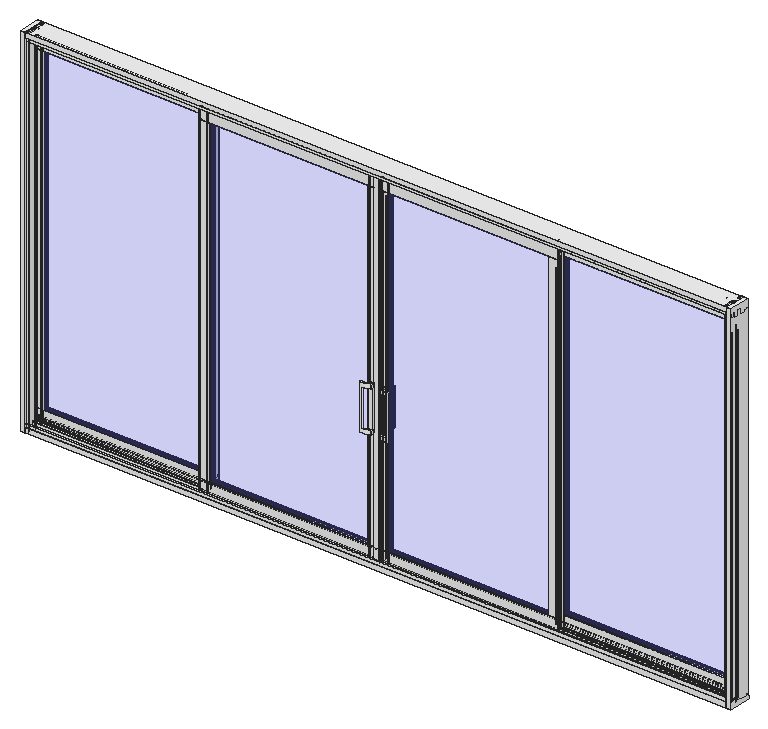
Revit family "Patio-Door_Victorian_OXYO-Double-Glaze-rev3_Novatech", category Doors, host Wall, Revit 2026 (continued)
Definition of nested family "NOVATECH VICTORIAN_OXYO DOUBLE GLAZE REV3_SASH_X_LEFT"
  Dimensions and locks (in)
    aligned and locked: plane 8 to nested 1
    aligned and locked: level to nested 3
    aligned and locked: plane 5 to nested 3
    aligned and locked: plane 1 "Center (Front/Back)" to nested 3
    aligned and locked: nested 4 to level
    aligned and locked: plane 4 to nested 4
    aligned and locked: plane 9 to nested 2
    aligned and locked: plane 9 to nested 1
    aligned and locked: plane 1 "Center (Front/Back)" to nested 4
  Automatic sketch dimensions
    plane 5 to Extrusion 1 sketch curve = 9/16"
    Extrusion 1 sketch curve to plane 4 = 2.057"
    Extrusion 1 sketch curve to plane 1 "Center (Front/Back)" = 0.34875"
  Nested families (in)
    nested 1: "NOVATECH_650_3 LIGHT_OXO__SASH_X_HEADER" at (-18.57715, 1.625, 88.625), type "X_HEADER"
      with built-in parameter 1001306 2.9715 (stored number, unit not read)
    nested 2: "NOVATECH_650_3 LIGHT_OXO_SASH_X_SILL" at (17.08105, 1.625, 0) x (-1, 0, 0) z (0, 0, 1), type "X_SILL"
      with built-in parameter 1001306 2.9715 (stored number, unit not read)
    nested 3: "NOVATECH_650_3 LIGHT_OXO_SASH_X_RIGHT" at (-18.70215, 0, 0) x (0, 1, 0) z (0, 0, 1), type "X_RIGHT"
      with Length 91 3/4"
    nested 4: "NOVATECH_650_3 LIGHT_OXO_SASH_O_LEFT" at (17.51465, -0.265, 0) x (0, 1, 0) z (0, 0, 1), type "O_LEFT"
  Definition of nested family "NOVATECH_650_3 LIGHT_OXO__SASH_X_HEADER"
    Parameters (values of type "X_HEADER")
      built-in parameter 1001306 [instance] = 54"
      Frame Material = none
      Default Elevation = 0"
    Reference planes (in)
      plane 1 "Center (Front/Back)": y = 0
      plane 2: z = 0
      plane 3 "Left": x = 0
      plane 4 "Right": x = 54
      plane 5: z = 3.125
    Forms (in)
      Extrusion 1, solid, material <- "Frame Material"
        sketch origin (0, 0, 0) x (0, 1, 0) y (0, 0, 1)
          loop
            arc (0, 3.095) -> (-0.00879, 3.11621) -> (-0.03, 3.125) r 0.03
            line (-0.03, 3.125) -> (-0.3675, 3.125) -> (-0.3675, 3.0325)
            arc (-0.3675, 3.0325) -> (-0.3425, 3.01561) -> (-0.3175, 3.0325) r 0.02695
            arc (-0.3175, 3.0325) -> (-0.29857, 3.06301) -> (-0.2675, 3.045) r 0.02578
            line (-0.2675, 3.045) -> (-0.2675, 2.865)
            arc (-0.2675, 2.865) -> (-0.29928, 2.84741) -> (-0.31842, 2.87829) r 0.02634
            arc (-0.31842, 2.87829) -> (-0.34333, 2.89476) -> (-0.36824, 2.87829) r 0.02708
            line (-0.36824, 2.87829) -> (-0.4475, 1.36601) -> (-0.4475, 1.11) -> (-1.1775, 1.11) -> (-1.1775, 1.36601) -> (-1.25676, 2.87829)
            arc (-1.25676, 2.87829) -> (-1.28167, 2.89476) -> (-1.30658, 2.87829) r 0.02708
            arc (-1.30658, 2.87829) -> (-1.32572, 2.84741) -> (-1.3575, 2.865) r 0.02634
            line (-1.3575, 2.865) -> (-1.3575, 3.045)
            arc (-1.3575, 3.045) -> (-1.32643, 3.06301) -> (-1.3075, 3.0325) r 0.02578
            arc (-1.3075, 3.0325) -> (-1.2825, 3.01561) -> (-1.2575, 3.0325) r 0.02695
            line (-1.2575, 3.0325) -> (-1.2575, 3.125) -> (-1.595, 3.125)
            arc (-1.595, 3.125) -> (-1.61621, 3.11621) -> (-1.625, 3.095) r 0.03
            line (-1.625, 3.095) -> (-1.625, 0.03)
            arc (-1.625, 0.03) -> (-1.61621, 0.00879) -> (-1.595, 0) r 0.03
            line (-1.595, 0) -> (-1.3575, 0) -> (-1.3575, 0.065) -> (-1.3825, 0.09) -> (-1.3825, 0.235) -> (-1.3575, 0.26) -> (-1.3575, 0.315) -> (-1.3825, 0.34) -> (-1.3825, 0.72) -> (-1.27625, 0.72) -> (-1.27625, 0.645) -> (-1.21125, 0.645) -> (-1.21125, 0.72) -> (-0.845, 0.72) -> (-0.845, 0.645) -> (-0.78, 0.645) -> (-0.78, 0.72) -> (-0.41375, 0.72) -> (-0.41375, 0.645) -> (-0.34875, 0.645) -> (-0.34875, 0.72) -> (-0.2425, 0.72) -> (-0.2425, 0.34) -> (-0.2675, 0.315) -> (-0.2675, 0.26) -> (-0.2425, 0.235) -> (-0.2425, 0.09) -> (-0.2675, 0.065) -> (-0.2675, 0) -> (-0.03, 0)
            arc (-0.03, 0) -> (-0.00879, 0.00879) -> (0, 0.03) r 0.03
            line (0, 0.03) -> (0, 3.095)
        from 0 to 54
    Lines and regions (in)
      reference lines
        curve 1: line (0, 0, 0) -> (54, 0, 0)
    Dimensions and locks (in)
      "built-in parameter 1001306": plane 3 "Left" to plane 4 "Right"
      aligned and locked: plane 4 "Right" to curve 1
      aligned and locked: plane 1 "Center (Front/Back)" to curve 1
      aligned and locked: plane 3 "Left" to curve 1
      aligned and locked: level to plane 2
      aligned and locked: Extrusion 1 to curve 1
      aligned and locked: Extrusion 1 to plane 3 "Left"
    Automatic sketch dimensions
      plane 1 "Center (Front/Back)" to Extrusion 1 sketch curve = 1 5/8"
      Extrusion 1 sketch curve to Extrusion 1 sketch curve = 0.03"  (x3)
      Extrusion 1 sketch curve to Extrusion 1 sketch curve = 0.2125"  (x2)
      Extrusion 1 sketch curve to Extrusion 1 sketch curve = 0"  (x4)
      Extrusion 1 sketch curve to Extrusion 1 sketch curve = 0.025"  (x12)
      Extrusion 1 sketch curve to Extrusion 1 sketch curve = 0.2375"  (x2)
      Extrusion 1 sketch curve to Extrusion 1 sketch curve = 0.02481"  (x2)
      Extrusion 1 sketch curve to Extrusion 1 sketch curve = 0.02513"
      Extrusion 1 sketch curve to Extrusion 1 sketch curve = 0.05019"  (x2)
      Extrusion 1 sketch curve to Extrusion 1 sketch curve = 0.0507"  (x2)
      Extrusion 1 sketch curve to Extrusion 1 sketch curve = 0.10625"
      Extrusion 1 sketch curve to Extrusion 1 sketch curve = 0.02491"  (x2)
      Extrusion 1 sketch curve to Extrusion 1 sketch curve = 0.065"  (x4)
      Extrusion 1 sketch curve to Extrusion 1 sketch curve = 0.03375"
      Extrusion 1 sketch curve to Extrusion 1 sketch curve = 0.36625"  (x2)
      Extrusion 1 sketch curve to Extrusion 1 sketch curve = 0.3325"
      Extrusion 1 sketch curve to Extrusion 1 sketch curve = 0.88851"
      Extrusion 1 sketch curve to Extrusion 1 sketch curve = 0.00074"
      Extrusion 1 sketch curve to Extrusion 1 sketch curve = 0.08125"
      Extrusion 1 sketch curve to Extrusion 1 sketch curve = 0.035"
      Extrusion 1 sketch curve to Extrusion 1 sketch curve = 0.615"
      Extrusion 1 sketch curve to Extrusion 1 sketch curve = 0.145"  (x2)
      Extrusion 1 sketch curve to Extrusion 1 sketch curve = 0.055"  (x2)
      Extrusion 1 sketch curve to Extrusion 1 sketch curve = 0.075"  (x4)
      Extrusion 1 sketch curve to Extrusion 1 sketch curve = 0.25601"  (x2)
      Extrusion 1 sketch curve to Extrusion 1 sketch curve = 0.01329"  (x2)
      Extrusion 1 sketch curve to Extrusion 1 sketch curve = 0.0106"  (x2)
      Extrusion 1 sketch curve to Extrusion 1 sketch curve = 0.00269"
      Extrusion 1 sketch curve to Extrusion 1 sketch curve = 0.0079"  (x2)
      Extrusion 1 sketch curve to Extrusion 1 sketch curve = 0.15421"  (x2)
      Extrusion 1 sketch curve to Extrusion 1 sketch curve = 0.0055"  (x2)
      Extrusion 1 sketch curve to Extrusion 1 sketch curve = 0.01005"  (x2)
      Extrusion 1 sketch curve to Extrusion 1 sketch curve = 0.007"  (x2)
      Extrusion 1 sketch curve to Extrusion 1 sketch curve = 0.05"  (x2)
      Extrusion 1 sketch curve to level = 0"  (x2)
      Extrusion 1 sketch curve to Extrusion 1 sketch curve = 0.39"
      Extrusion 1 sketch curve to Extrusion 1 sketch curve = 1.49899"
  Definition of nested family "NOVATECH_650_3 LIGHT_OXO_SASH_X_SILL"
    Parameters (values of type "X_SILL")
      built-in parameter 1001306 [instance] = 54"
      Frame Material = none
      Default Elevation = 0"
    Reference planes (in)
      plane 1 "Center (Front/Back)": y = 0
      plane 2: z = 0
      plane 3 "Left": x = 0
      plane 4 "Right": x = 54
    Forms (in)
      Extrusion 1, solid, material <- "Frame Material"
        sketch origin (0, 0, 0) x (0, 1, 0) y (0, 0, 1)
          loop
            line (-1.625, 0) -> (-1.2575, 0) -> (-1.2575, 0.0925)
            arc (-1.2575, 0.0925) -> (-1.2825, 0.10976) -> (-1.3075, 0.0925) r 0.02673
            arc (-1.3075, 0.0925) -> (-1.32681, 0.06351) -> (-1.3575, 0.08) r 0.02588
            line (-1.3575, 0.08) -> (-1.3575, 0.26)
            arc (-1.3575, 0.26) -> (-1.32586, 0.27827) -> (-1.30744, 0.24671) r 0.02589
            arc (-1.30744, 0.24671) -> (-1.2821, 0.23049) -> (-1.25676, 0.24671) r 0.02791
            line (-1.25676, 0.24671) -> (-1.19797, 1.36843) -> (-1.16053, 1.36843) -> (-1.16053, 1.0095) -> (-1.00614, 1.0095) -> (-1.00614, 0.94494) -> (-0.96965, 0.94494) -> (-0.96965, 0.65862) -> (-0.93597, 0.65862) -> (-0.93597, 1.0095) -> (-0.68615, 1.0095) -> (-0.68615, 0.65862) -> (-0.65246, 0.65862) -> (-0.65246, 0.94494) -> (-0.61886, 0.94494) -> (-0.61886, 1.0095) -> (-0.45878, 1.0095) -> (-0.45878, 1.36843) -> (-0.42703, 1.36843) -> (-0.36824, 0.24671)
            arc (-0.36824, 0.24671) -> (-0.3429, 0.23049) -> (-0.31756, 0.24671) r 0.02791
            arc (-0.31756, 0.24671) -> (-0.29914, 0.27827) -> (-0.2675, 0.26) r 0.02589
            line (-0.2675, 0.26) -> (-0.2675, 0.08)
            arc (-0.2675, 0.08) -> (-0.29819, 0.06351) -> (-0.3175, 0.0925) r 0.02588
            arc (-0.3175, 0.0925) -> (-0.3425, 0.10976) -> (-0.3675, 0.0925) r 0.02673
            line (-0.3675, 0.0925) -> (-0.3675, 0) -> (0, 0) -> (0, 3.095)
            arc (0, 3.095) -> (-0.00879, 3.11621) -> (-0.03, 3.125) r 0.03
            line (-0.03, 3.125) -> (-0.2675, 3.125) -> (-0.2675, 3.06) -> (-0.2425, 3.035) -> (-0.2425, 2.89) -> (-0.2675, 2.865) -> (-0.2675, 2.81) -> (-0.2425, 2.785) -> (-0.2425, 2.405) -> (-0.34875, 2.405) -> (-0.34875, 2.48) -> (-0.41375, 2.48) -> (-0.41375, 2.405) -> (-0.78, 2.405) -> (-0.78, 2.48) -> (-0.845, 2.48) -> (-0.845, 2.405) -> (-1.21125, 2.405) -> (-1.21125, 2.48) -> (-1.27625, 2.48) -> (-1.27625, 2.405) -> (-1.3825, 2.405) -> (-1.3825, 2.785) -> (-1.3575, 2.81) -> (-1.3575, 2.865) -> (-1.3825, 2.89) -> (-1.3825, 3.035) -> (-1.3575, 3.06) -> (-1.3575, 3.125) -> (-1.595, 3.125)
            arc (-1.595, 3.125) -> (-1.61621, 3.11621) -> (-1.625, 3.095) r 0.03
            line (-1.625, 3.095) -> (-1.625, 0)
        from 0 to 54
    Lines and regions (in)
      reference lines
        curve 1: line (0, 0, 0) -> (54, 0, 0)
    Dimensions and locks (in)
      "built-in parameter 1001306": plane 3 "Left" to plane 4 "Right"
      aligned and locked: plane 4 "Right" to curve 1
      aligned and locked: plane 1 "Center (Front/Back)" to curve 1
      aligned and locked: plane 3 "Left" to curve 1
      aligned and locked: level to plane 2
      aligned and locked: Extrusion 1 to curve 1
      aligned and locked: Extrusion 1 to plane 3 "Left"
    Automatic sketch dimensions
      plane 1 "Center (Front/Back)" to Extrusion 1 sketch curve = 1 5/8"
      Extrusion 1 sketch curve to Extrusion 1 sketch curve = 0.03"
      Extrusion 1 sketch curve to Extrusion 1 sketch curve = 0.2125"  (x3)
      Extrusion 1 sketch curve to Extrusion 1 sketch curve = 0.025"  (x13)
      Extrusion 1 sketch curve to Extrusion 1 sketch curve = 0.2675"  (x2)
      Extrusion 1 sketch curve to Extrusion 1 sketch curve = 0.02441"  (x2)
      Extrusion 1 sketch curve to Extrusion 1 sketch curve = 0.05059"  (x2)
      Extrusion 1 sketch curve to Extrusion 1 sketch curve = 0.0504"  (x2)
      Extrusion 1 sketch curve to Extrusion 1 sketch curve = 0.10625"
      level to Extrusion 1 sketch curve = 0.24671"
      Extrusion 1 sketch curve to Extrusion 1 sketch curve = 0.02534"  (x2)
      Extrusion 1 sketch curve to Extrusion 1 sketch curve = 0.065"  (x3)
      Extrusion 1 sketch curve to Extrusion 1 sketch curve = 0.01328"
      Extrusion 1 sketch curve to Extrusion 1 sketch curve = 0.03744"
      Extrusion 1 sketch curve to Extrusion 1 sketch curve = 0.15438"
      Extrusion 1 sketch curve to Extrusion 1 sketch curve = 0.03649"
      Extrusion 1 sketch curve to Extrusion 1 sketch curve = 0.07017"
      Extrusion 1 sketch curve to Extrusion 1 sketch curve = 0.36625"  (x2)
      Extrusion 1 sketch curve to Extrusion 1 sketch curve = 0.24982"
      Extrusion 1 sketch curve to Extrusion 1 sketch curve = 0.03368"
      Extrusion 1 sketch curve to Extrusion 1 sketch curve = 0.03361"
      Extrusion 1 sketch curve to Extrusion 1 sketch curve = 0.16007"
      Extrusion 1 sketch curve to Extrusion 1 sketch curve = 0.03175"
      Extrusion 1 sketch curve to Extrusion 1 sketch curve = 0.28422"
      Extrusion 1 sketch curve to Extrusion 1 sketch curve = 0.00074"
      Extrusion 1 sketch curve to Extrusion 1 sketch curve = 0.08125"
      Extrusion 1 sketch curve to Extrusion 1 sketch curve = 0"  (x8)
      Extrusion 1 sketch curve to Extrusion 1 sketch curve = 0.15421"  (x2)
      Extrusion 1 sketch curve to Extrusion 1 sketch curve = 0.00388"  (x2)
      Extrusion 1 sketch curve to Extrusion 1 sketch curve = 0.00947"  (x2)
      Extrusion 1 sketch curve to Extrusion 1 sketch curve = 0.00862"  (x2)
      Extrusion 1 sketch curve to Extrusion 1 sketch curve = 0.08"  (x2)
      Extrusion 1 sketch curve to Extrusion 1 sketch curve = 0.00652"  (x2)
      Extrusion 1 sketch curve to Extrusion 1 sketch curve = 0.01168"  (x2)
      Extrusion 1 sketch curve to Extrusion 1 sketch curve = 0.00676"  (x2)
      Extrusion 1 sketch curve to Extrusion 1 sketch curve = 0.41191"
      Extrusion 1 sketch curve to Extrusion 1 sketch curve = 0.28631"  (x2)
      Extrusion 1 sketch curve to Extrusion 1 sketch curve = 0.06456"  (x3)
      Extrusion 1 sketch curve to Extrusion 1 sketch curve = 0.35894"  (x2)
      Extrusion 1 sketch curve to Extrusion 1 sketch curve = 1.03657"
      Extrusion 1 sketch curve to Extrusion 1 sketch curve = 0.075"  (x3)
      Extrusion 1 sketch curve to Extrusion 1 sketch curve = 0.305"  (x2)
      Extrusion 1 sketch curve to Extrusion 1 sketch curve = 0.055"  (x2)
      Extrusion 1 sketch curve to Extrusion 1 sketch curve = 0.145"  (x2)
      Extrusion 1 sketch curve to Extrusion 1 sketch curve = 0.06"  (x2)
  Definition of nested family "NOVATECH_650_3 LIGHT_OXO_SASH_X_RIGHT"
    Parameters (values of type "NOVATECH_650_2 LIGHT_SASH_X_RIGHT")
      Length = 79 1/2"
      Frame Material = none
      Default Elevation = 0"
    Types (2): name | Length
      NOVATECH_650_2 LIGHT_SASH_X_RIGHT | 79 1/2"
      X_RIGHT | 91 121/128"
    Reference planes (in)
      plane 1 "Center (Front/Back)": y = 0
      plane 2: z = 0
      plane 3 "Center (Left/Right)": x = 0
      plane 4: z = 79.5
      plane 5: y = 1.1875
    Forms (in)
      Extrusion 1, solid, material <- "Frame Material"
        sketch origin (0, 0, 0) x (1, 0, 0) y (0, 1, 0)
          loop
            arc (0.1875, 0) -> (0.20856, 0.0325) -> (0.1875, 0.065) r 0.03561
            line (0.1875, 0.065) -> (0.08, 0.065)
            arc (0.08, 0.065) -> (0.062, 0.095) -> (0.08, 0.125) r 0.034
            line (0.08, 0.125) -> (1.545, 0.125)
            arc (1.545, 0.125) -> (1.56328, 0.095) -> (1.545, 0.065) r 0.03375
            line (1.545, 0.065) -> (1.4375, 0.065)
            arc (1.4375, 0.065) -> (1.41858, 0.0325) -> (1.4375, 0) r 0.03738
            line (1.4375, 0) -> (1.9925, 0)
            arc (1.9925, 0) -> (2.04553, 0.02197) -> (2.0675, 0.075) r 0.075
            line (2.0675, 0.075) -> (2.0675, 0.5425)
            arc (2.0675, 0.5425) -> (2.0425, 0.5605) -> (2.0175, 0.5425) r 0.02636
            arc (2.0175, 0.5425) -> (1.99659, 0.51487) -> (1.9675, 0.53368) r 0.02545
            line (1.9675, 0.53368) -> (1.9675, 0.7113)
            arc (1.9675, 0.7113) -> (1.99821, 0.72757) -> (2.01563, 0.6975) r 0.02505
            arc (2.01563, 0.6975) -> (2.04077, 0.68186) -> (2.0675, 0.69459) r 0.03085
            line (2.0675, 0.69459) -> (2.0675, 0.79) -> (2.01761, 0.79) -> (2.01761, 0.97618)
            arc (2.01761, 0.97618) -> (2.0034, 1.08185) -> (1.96814, 1.18247) r 0.52505
            arc (1.96814, 1.18247) -> (1.95467, 1.32289) -> (2.02046, 1.44767) r 0.24629
            line (2.02046, 1.44767) -> (2.02274, 1.50316)
            arc (2.02274, 1.50316) -> (2.01443, 1.5172) -> (1.99821, 1.51534) r 0.015
            arc (1.99821, 1.51534) -> (1.89427, 1.35056) -> (1.90863, 1.15627) r 0.31129
            arc (1.90863, 1.15627) -> (1.94334, 1.05262) -> (1.95261, 0.94371) r 0.46005
            line (1.95261, 0.94371) -> (1.95261, 0.79) -> (1.625, 0.79) -> (1.625, 2.345)
            arc (1.625, 2.345) -> (1.61621, 2.36621) -> (1.595, 2.375) r 0.03
            line (1.595, 2.375) -> (1.3625, 2.375) -> (1.3625, 2.31) -> (1.4325, 2.31) -> (1.4325, 2.1) -> (1.3625, 2.1) -> (1.3625, 2.035) -> (1.4325, 2.035) -> (1.4325, 1.75) -> (0.1925, 1.75) -> (0.1925, 2.035) -> (0.2625, 2.035) -> (0.2625, 2.1) -> (0.1925, 2.1) -> (0.1925, 2.31) -> (0.2625, 2.31) -> (0.2625, 2.375) -> (0.03, 2.375)
            arc (0.03, 2.375) -> (0.00879, 2.36621) -> (0, 2.345) r 0.03
            line (0, 2.345) -> (0, 0.075)
            arc (0, 0.075) -> (0.02197, 0.02197) -> (0.075, 0) r 0.075
            line (0.075, 0) -> (0.1875, 0)
        from 0 to 79.5
    Dimensions and locks (in)
      "Length": plane 4 to level
      aligned and locked: plane 2 to level
      aligned and locked: Extrusion 1 to level
      aligned and locked: plane 4 to Extrusion 1
    Automatic sketch dimensions
      Extrusion 1 sketch curve to Extrusion 1 sketch curve = 0"  (x12)
      Extrusion 1 sketch curve to plane 3 "Center (Left/Right)" = 0"
      Extrusion 1 sketch curve to Extrusion 1 sketch curve = 0.03"  (x2)
      Extrusion 1 sketch curve to Extrusion 1 sketch curve = 0.075"  (x2)
      Extrusion 1 sketch curve to Extrusion 1 sketch curve = 0.005"  (x2)
      Extrusion 1 sketch curve to Extrusion 1 sketch curve = 0.02101"
      Extrusion 1 sketch curve to Extrusion 1 sketch curve = 0.09295"
      Extrusion 1 sketch curve to Extrusion 1 sketch curve = 0.01455"  (x2)
      Extrusion 1 sketch curve to Extrusion 1 sketch curve = 0.1625"  (x2)
      Extrusion 1 sketch curve to Extrusion 1 sketch curve = 0.07"  (x3)
      Extrusion 1 sketch curve to Extrusion 1 sketch curve = 1.1"
      Extrusion 1 sketch curve to Extrusion 1 sketch curve = 1 1/4"
      Extrusion 1 sketch curve to Extrusion 1 sketch curve = 0.01846"
      Extrusion 1 sketch curve to Extrusion 1 sketch curve = 0.06033"
      Extrusion 1 sketch curve to Extrusion 1 sketch curve = 0.07357"
      Extrusion 1 sketch curve to Extrusion 1 sketch curve = 0.01547"  (x2)
      Extrusion 1 sketch curve to Extrusion 1 sketch curve = 0.13217"
      Extrusion 1 sketch curve to Extrusion 1 sketch curve = 0.32761"
      Extrusion 1 sketch curve to Extrusion 1 sketch curve = 0.01489"
      Extrusion 1 sketch curve to Extrusion 1 sketch curve = 0.02381"
      Extrusion 1 sketch curve to Extrusion 1 sketch curve = 0.02467"
      Extrusion 1 sketch curve to Extrusion 1 sketch curve = 0.4475"
      Extrusion 1 sketch curve to Extrusion 1 sketch curve = 0.05514"
      Extrusion 1 sketch curve to Extrusion 1 sketch curve = 0.065"  (x3)
      Extrusion 1 sketch curve to Extrusion 1 sketch curve = 0.01271"
      Extrusion 1 sketch curve to Extrusion 1 sketch curve = 0.01499"
      Extrusion 1 sketch curve to Extrusion 1 sketch curve = 0.05119"
      Extrusion 1 sketch curve to Extrusion 1 sketch curve = 0.05033"
      Extrusion 1 sketch curve to Extrusion 1 sketch curve = 0.04989"
      Extrusion 1 sketch curve to Extrusion 1 sketch curve = 0.17584"
      Extrusion 1 sketch curve to Extrusion 1 sketch curve = 0.0325"  (x2)
      Extrusion 1 sketch curve to Extrusion 1 sketch curve = 0.45868"
      Extrusion 1 sketch curve to Extrusion 1 sketch curve = 0.00045"
      Extrusion 1 sketch curve to Extrusion 1 sketch curve = 0.00626"
      Extrusion 1 sketch curve to Extrusion 1 sketch curve = 0.00837"
      Extrusion 1 sketch curve to Extrusion 1 sketch curve = 0.15209"
      Extrusion 1 sketch curve to Extrusion 1 sketch curve = 0.0089"
      Extrusion 1 sketch curve to Extrusion 1 sketch curve = 1/128"
      Extrusion 1 sketch curve to Extrusion 1 sketch curve = 0.01808"
      Extrusion 1 sketch curve to Extrusion 1 sketch curve = 0.07733"
      Extrusion 1 sketch curve to Extrusion 1 sketch curve = 0.15371"
      Extrusion 1 sketch curve to Extrusion 1 sketch curve = 0.16941"
      Extrusion 1 sketch curve to Extrusion 1 sketch curve = 0.03248"
      Extrusion 1 sketch curve to Extrusion 1 sketch curve = 0.29903"
      Extrusion 1 sketch curve to Extrusion 1 sketch curve = 0.17245"
      Extrusion 1 sketch curve to Extrusion 1 sketch curve = 0.05549"
      Extrusion 1 sketch curve to Extrusion 1 sketch curve = 0.00062"
      Extrusion 1 sketch curve to Extrusion 1 sketch curve = 0.23466"
      Extrusion 1 sketch curve to Extrusion 1 sketch curve = 0.285"  (x2)
      Extrusion 1 sketch curve to Extrusion 1 sketch curve = 0.21"  (x2)
      Extrusion 1 sketch curve to Extrusion 1 sketch curve = 0.035"  (x2)
      Extrusion 1 sketch curve to Extrusion 1 sketch curve = 0.05951"
      plane 1 "Center (Front/Back)" to Extrusion 1 sketch curve = 0"
  Definition of nested family "NOVATECH_650_3 LIGHT_OXO_SASH_O_LEFT"
    Parameters (values of type "O_LEFT")
      Length = 91 3/4"
      Frame Material = none
      Default Elevation = 0"
    Reference planes (in)
      plane 1 "Center (Front/Back)": y = 0
      plane 2: z = 0
      plane 3 "Center (Left/Right)": x = 0
      plane 4: z = 91.75
    Forms (in)
      Extrusion 1, solid, material <- "Frame Material"
        sketch origin (0, 0, 0) x (1, 0, 0) y (0, 1, 0)
          loop
            line (0.265, 2.652) -> (0.265, 0.9625) -> (0, 0.9625) -> (0, -0.9) -> (0.2, -0.9) -> (0.2, -0.8)
            arc (0.2, -0.8) -> (0.175, -0.78183) -> (0.15, -0.8) r 0.02628
            arc (0.15, -0.8) -> (0.149, -0.82029) -> (0.135, -0.835) r 0.02917
            line (0.135, -0.835) -> (0.08, -0.835)
            arc (0.08, -0.835) -> (0.06437, -0.81446) -> (0.08105, -0.79477) r 0.02061
            arc (0.08105, -0.79477) -> (0.1015, -0.76944) -> (0.08, -0.745) r 0.02525
            arc (0.08, -0.745) -> (0.06389, -0.725) -> (0.08, -0.705) r 0.02047
            arc (0.08, -0.705) -> (0.10013, -0.68) -> (0.08, -0.655) r 0.02559
            arc (0.08, -0.655) -> (0.06389, -0.635) -> (0.08, -0.615) r 0.02047
            line (0.08, -0.615) -> (0.13499, -0.615)
            arc (0.13499, -0.615) -> (0.14801, -0.63013) -> (0.15, -0.65) r 0.03321
            arc (0.15, -0.65) -> (0.175, -0.66648) -> (0.2, -0.65) r 0.0272
            line (0.2, -0.65) -> (0.2, -0.1) -> (0.3675, -0.1)
            arc (0.3675, -0.1) -> (0.37638, -0.06431) -> (0.3425, -0.05) r 0.02829
            arc (0.3425, -0.05) -> (0.32827, -0.025) -> (0.3425, 0) r 0.02907
            line (0.3425, 0) -> (0.5425, 0)
            arc (0.5425, 0) -> (0.55483, -0.025) -> (0.5425, -0.05) r 0.03151
            arc (0.5425, -0.05) -> (0.50753, -0.06376) -> (0.5175, -0.1) r 0.02811
            line (0.5175, -0.1) -> (1.11104, -0.1) -> (1.6375, -0.1)
            arc (1.6375, -0.1) -> (1.64747, -0.06376) -> (1.6125, -0.05) r 0.02811
            arc (1.6125, -0.05) -> (1.60017, -0.025) -> (1.6125, 0) r 0.03151
            line (1.6125, 0) -> (1.8125, 0)
            arc (1.8125, 0) -> (1.82673, -0.025) -> (1.8125, -0.05) r 0.02907
            arc (1.8125, -0.05) -> (1.77862, -0.06431) -> (1.7875, -0.1) r 0.02829
            line (1.7875, -0.1) -> (1.955, -0.1) -> (1.955, -0.65)
            arc (1.955, -0.65) -> (1.98, -0.66648) -> (2.005, -0.65) r 0.0272
            arc (2.005, -0.65) -> (2.00699, -0.63013) -> (2.02001, -0.615) r 0.03321
            line (2.02001, -0.615) -> (2.075, -0.615)
            arc (2.075, -0.615) -> (2.09111, -0.635) -> (2.075, -0.655) r 0.02047
            arc (2.075, -0.655) -> (2.05487, -0.68) -> (2.075, -0.705) r 0.02559
            arc (2.075, -0.705) -> (2.09111, -0.725) -> (2.075, -0.745) r 0.02047
            arc (2.075, -0.745) -> (2.0535, -0.76944) -> (2.07395, -0.79477) r 0.02525
            arc (2.07395, -0.79477) -> (2.09063, -0.81446) -> (2.075, -0.835) r 0.02061
            line (2.075, -0.835) -> (2.02, -0.835)
            arc (2.02, -0.835) -> (2.006, -0.82029) -> (2.005, -0.8) r 0.02917
            arc (2.005, -0.8) -> (1.98, -0.78183) -> (1.955, -0.8) r 0.02628
            line (1.955, -0.8) -> (1.955, -0.9) -> (2.155, -0.9) -> (2.155, 0.9625) -> (1.89, 0.9625) -> (1.89, 2.652)
            arc (1.89, 2.652) -> (1.88121, 2.67321) -> (1.86, 2.682) r 0.03
            line (1.86, 2.682) -> (1.6275, 2.682) -> (1.6275, 2.617) -> (1.6975, 2.617) -> (1.6975, 2.407) -> (1.6275, 2.407) -> (1.6275, 2.342) -> (1.6975, 2.342) -> (1.6975, 2.057) -> (0.4575, 2.057) -> (0.4575, 2.342) -> (0.5275, 2.342) -> (0.5275, 2.407) -> (0.4575, 2.407) -> (0.4575, 2.617) -> (0.5275, 2.617) -> (0.5275, 2.682) -> (0.295, 2.682)
            arc (0.295, 2.682) -> (0.27379, 2.67321) -> (0.265, 2.652) r 0.03
        from 0 to 91.75
    Dimensions and locks (in)
      "Length": plane 4 to level
      aligned and locked: plane 2 to level
      aligned and locked: Extrusion 1 to level
      aligned and locked: plane 4 to Extrusion 1
    Automatic sketch dimensions
      plane 1 "Center (Front/Back)" to Extrusion 1 sketch curve = 0.9"  (x2)
      plane 3 "Center (Left/Right)" to Extrusion 1 sketch curve = 0"
      Extrusion 1 sketch curve to Extrusion 1 sketch curve = 0.07455"
      Extrusion 1 sketch curve to Extrusion 1 sketch curve = 0.00171"
      Extrusion 1 sketch curve to Extrusion 1 sketch curve = 0.00375"
      Extrusion 1 sketch curve to Extrusion 1 sketch curve = 0.00545"
      Extrusion 1 sketch curve to Extrusion 1 sketch curve = 0.00811"  (x4)
      Extrusion 1 sketch curve to Extrusion 1 sketch curve = 0.00436"  (x5)
      Extrusion 1 sketch curve to Extrusion 1 sketch curve = 0.00497"  (x2)
      Extrusion 1 sketch curve to Extrusion 1 sketch curve = 0.03313"  (x3)
      Extrusion 1 sketch curve to Extrusion 1 sketch curve = 0.03722"  (x2)
      Extrusion 1 sketch curve to Extrusion 1 sketch curve = 0.0175"  (x2)
      Extrusion 1 sketch curve to Extrusion 1 sketch curve = 0.01281"  (x2)
      Extrusion 1 sketch curve to Extrusion 1 sketch curve = 0.04001"  (x2)
      Extrusion 1 sketch curve to Extrusion 1 sketch curve = 0.04"  (x2)
      Extrusion 1 sketch curve to Extrusion 1 sketch curve = 0.025"  (x5)
      Extrusion 1 sketch curve to Extrusion 1 sketch curve = 0.065"  (x5)
      Extrusion 1 sketch curve to Extrusion 1 sketch curve = 0.265"  (x2)
      Extrusion 1 sketch curve to Extrusion 1 sketch curve = 0.03"  (x3)
      Extrusion 1 sketch curve to Extrusion 1 sketch curve = 0.1425"
      Extrusion 1 sketch curve to Extrusion 1 sketch curve = 0.00857"
      Extrusion 1 sketch curve to Extrusion 1 sketch curve = 0.01484"  (x2)
      Extrusion 1 sketch curve to Extrusion 1 sketch curve = 0.01643"  (x2)
      Extrusion 1 sketch curve to Extrusion 1 sketch curve = 0.1625"  (x3)
      Extrusion 1 sketch curve to Extrusion 1 sketch curve = 0.15"  (x2)
      Extrusion 1 sketch curve to Extrusion 1 sketch curve = 0.00582"
      Extrusion 1 sketch curve to Extrusion 1 sketch curve = 0.07"  (x3)
      Extrusion 1 sketch curve to Extrusion 1 sketch curve = 0.01517"  (x2)
      Extrusion 1 sketch curve to Extrusion 1 sketch curve = 0.01918"  (x2)
      Extrusion 1 sketch curve to Extrusion 1 sketch curve = 0.56854"
      Extrusion 1 sketch curve to Extrusion 1 sketch curve = 0.50146"
      Extrusion 1 sketch curve to Extrusion 1 sketch curve = 0.00983"
      Extrusion 1 sketch curve to Extrusion 1 sketch curve = 1.1"
      Extrusion 1 sketch curve to Extrusion 1 sketch curve = 0"  (x8)
      Extrusion 1 sketch curve to Extrusion 1 sketch curve = 0.01016"
      Extrusion 1 sketch curve to Extrusion 1 sketch curve = 0.0775"
      Extrusion 1 sketch curve to Extrusion 1 sketch curve = 0.15107"
      Extrusion 1 sketch curve to Extrusion 1 sketch curve = 0.00982"
      Extrusion 1 sketch curve to Extrusion 1 sketch curve = 0.02"  (x3)
      Extrusion 1 sketch curve to Extrusion 1 sketch curve = 0.0262"  (x2)
      Extrusion 1 sketch curve to Extrusion 1 sketch curve = 0.02689"  (x2)
      Extrusion 1 sketch curve to Extrusion 1 sketch curve = 0.04503"  (x2)
      Extrusion 1 sketch curve to Extrusion 1 sketch curve = 0.04497"  (x2)
      Extrusion 1 sketch curve to Extrusion 1 sketch curve = 0.045"  (x2)
      Extrusion 1 sketch curve to Extrusion 1 sketch curve = 0.03678"  (x2)
      Extrusion 1 sketch curve to Extrusion 1 sketch curve = 0.01072"  (x2)
      Extrusion 1 sketch curve to Extrusion 1 sketch curve = 0.00822"  (x2)
      Extrusion 1 sketch curve to Extrusion 1 sketch curve = 0.02822"
      Extrusion 1 sketch curve to Extrusion 1 sketch curve = 0.515"
      Extrusion 1 sketch curve to Extrusion 1 sketch curve = 0.02303"  (x2)
      Extrusion 1 sketch curve to Extrusion 1 sketch curve = 0.02367"  (x2)
      Extrusion 1 sketch curve to Extrusion 1 sketch curve = 0.05197"  (x2)
      Extrusion 1 sketch curve to Extrusion 1 sketch curve = 0.05133"  (x2)
      Extrusion 1 sketch curve to Extrusion 1 sketch curve = 0.9625"  (x2)
      Extrusion 1 sketch curve to Extrusion 1 sketch curve = 1.0945"
      Extrusion 1 sketch curve to Extrusion 1 sketch curve = 0.285"  (x2)
      Extrusion 1 sketch curve to Extrusion 1 sketch curve = 0.21"  (x2)
      Extrusion 1 sketch curve to Extrusion 1 sketch curve = 0.035"  (x2)
Definition of nested family "NOVATECH VICTORIAN_OXYO DOUBLE GLAZE REV3_SASH_O_LEFT"
  Parameters (values of type "SASH_O_LEFT")
    Width = 35.0293"
    Panel Material = none
    Height = 91 3/4"
    Frame Material = none
    Default Elevation = 0"
  Reference planes (in)
    plane 1 "Center (Front/Back)": y = 0
    plane 2: z = 0
    plane 3 "Center (Left/Right)": x = 0
    plane 4: x = 17.51465
    plane 5: x = -17.51465
    plane 6: z = 91.75
    plane 7: y = 0.8125
  Forms (in)
    Extrusion 1, solid, material <- "Panel Material"
      sketch origin (52.99824, -4.07962, -6.12997) x (1, 0, 0) y (0, 1, 0)
        loop
          line (-68.88789, 4.42837) -> (-36.04609, 4.42837) -> (-36.04609, 5.35587) -> (-68.88789, 5.35587) -> (-68.88789, 4.42837)
      from 8.60997 to 95.39997
  Dimensions and locks (in)
    "Height": plane 6 to level
    "Width": plane 4 to plane 5
    equal spacing: plane 4, plane 3 "Center (Left/Right)", plane 5
    locked: Extrusion 1 sketch curve to Extrusion 1 sketch curve at 0.9275
    locked: Extrusion 1 to level at 2.48
    locked: plane 6 to Extrusion 1 at 2.48
    locked: plane 5 to Extrusion 1 at 1.625
    locked: Extrusion 1 to plane 4 at 0.5625
    locked: plane 4 to nested 1 at 1.0625
    locked: plane 4 to nested 2 at 1.0625
    locked: Extrusion 1 to plane 1 "Center (Front/Back)" at 0.34875
    aligned and locked: plane 2 to level
    aligned and locked: plane 5 to nested 2
    aligned and locked: plane 5 to nested 1
    aligned and locked: plane 5 to nested 3
    aligned and locked: plane 6 to nested 1
    aligned and locked: plane 1 "Center (Front/Back)" to nested 1
    aligned and locked: nested 2 to plane 1 "Center (Front/Back)"
    aligned and locked: level to nested 2
    aligned and locked: level to nested 3
    aligned and locked: level to nested 4
    aligned and locked: nested 4 to plane 1 "Center (Front/Back)"
    aligned and locked: nested 4 to plane 4
  Automatic sketch dimensions
    Extrusion 1 sketch curve to plane 7 = 0.46375"
    plane 5 to Extrusion 1 sketch curve = 1 5/8"
    Extrusion 1 sketch curve to plane 4 = 9/16"
  Nested families (in)
    nested 1: "NOVATECH_650_3 LIGHT_OXO_SASH_O_HEADER" at (-17.51465, 1.625, 88.625), type "O_HEADER"
      with built-in parameter 1001306 3.0076 (stored number, unit not read)
    nested 2: "NOVATECH_650_3 LIGHT_OXO_SASH_O_SILL" at (18.57715, 1.625, 0) x (-1, 0, 0) z (0, 0, 1), type "O SILL"
      with built-in parameter 1001306 3.0076 (stored number, unit not read)
    nested 3: "NOVATECH_650_3 LIGHT_OXO_SASH_O_LEFT" at (-17.51465, 0, 0) x (0, 1, 0) z (0, 0, 1), type "O_LEFT"
      with Length 91 3/4"
    nested 4: "NOVATECH_650_3 LIGHT_OXO_SASH_X_RIGHT" at (18.70215, 1.625, 0) x (0, -1, 0) z (0, 0, 1), type "X_RIGHT"
      with Length 91 3/4"
  Definition of nested family "NOVATECH_650_3 LIGHT_OXO_SASH_O_HEADER"
    Parameters (values of type "O_HEADER")
      built-in parameter 1001306 [instance] = 54"
      Frame Material = none
      Default Elevation = 0"
    Reference planes (in)
      plane 1 "Center (Front/Back)": y = 0
      plane 2: z = 0
      plane 3 "Left": x = 0
      plane 4 "Right": x = 54
      plane 5: z = 3.125
    Forms (in)
      Extrusion 1, solid, material <- "Frame Material"
        sketch origin (0, 0, 0) x (0, 1, 0) y (0, 0, 1)
          loop
            arc (0, 3.095) -> (-0.00879, 3.11621) -> (-0.03, 3.125) r 0.03
            line (-0.03, 3.125) -> (-0.3675, 3.125) -> (-0.3675, 3.0325)
            arc (-0.3675, 3.0325) -> (-0.33671, 3.01561) -> (-0.3175, 3.045) r 0.02585
            arc (-0.3175, 3.045) -> (-0.2925, 3.06323) -> (-0.2675, 3.045) r 0.02626
            line (-0.2675, 3.045) -> (-0.2675, 2.865)
            arc (-0.2675, 2.865) -> (-0.2925, 2.84807) -> (-0.3175, 2.865) r 0.02693
            arc (-0.3175, 2.865) -> (-0.3372, 2.89332) -> (-0.36824, 2.87829) r 0.02655
            line (-0.36824, 2.87829) -> (-0.4475, 1.36601) -> (-0.4475, 1.11) -> (-1.1775, 1.11) -> (-1.1775, 1.36601) -> (-1.25676, 2.87829)
            arc (-1.25676, 2.87829) -> (-1.2878, 2.89332) -> (-1.3075, 2.865) r 0.02655
            arc (-1.3075, 2.865) -> (-1.3325, 2.84807) -> (-1.3575, 2.865) r 0.02693
            line (-1.3575, 2.865) -> (-1.3575, 3.045)
            arc (-1.3575, 3.045) -> (-1.3325, 3.06323) -> (-1.3075, 3.045) r 0.02626
            arc (-1.3075, 3.045) -> (-1.28829, 3.01561) -> (-1.2575, 3.0325) r 0.02585
            line (-1.2575, 3.0325) -> (-1.2575, 3.125) -> (-1.595, 3.125)
            arc (-1.595, 3.125) -> (-1.61621, 3.11621) -> (-1.625, 3.095) r 0.03
            line (-1.625, 3.095) -> (-1.625, 0.03)
            arc (-1.625, 0.03) -> (-1.61621, 0.00879) -> (-1.595, 0) r 0.03
            line (-1.595, 0) -> (-1.3575, 0) -> (-1.3575, 0.065) -> (-1.3825, 0.09) -> (-1.3825, 0.235) -> (-1.3575, 0.26) -> (-1.3575, 0.315) -> (-1.3825, 0.34) -> (-1.3825, 0.72) -> (-1.27625, 0.72) -> (-1.27625, 0.645) -> (-1.21125, 0.645) -> (-1.21125, 0.72) -> (-0.845, 0.72) -> (-0.845, 0.645) -> (-0.78, 0.645) -> (-0.78, 0.72) -> (-0.41375, 0.72) -> (-0.41375, 0.645) -> (-0.34875, 0.645) -> (-0.34875, 0.72) -> (-0.2425, 0.72) -> (-0.2425, 0.34) -> (-0.2675, 0.315) -> (-0.2675, 0.26) -> (-0.2425, 0.235) -> (-0.2425, 0.09) -> (-0.2675, 0.065) -> (-0.2675, 0) -> (-0.03, 0)
            arc (-0.03, 0) -> (-0.00879, 0.00879) -> (0, 0.03) r 0.03
            line (0, 0.03) -> (0, 3.095)
        from 0 to 54
    Lines and regions (in)
      reference lines
        curve 1: line (0, 0, 0) -> (54, 0, 0)
    Dimensions and locks (in)
      "built-in parameter 1001306": plane 3 "Left" to plane 4 "Right"
      aligned and locked: plane 4 "Right" to curve 1
      aligned and locked: plane 1 "Center (Front/Back)" to curve 1
      aligned and locked: plane 3 "Left" to curve 1
      aligned and locked: level to plane 2
      aligned and locked: Extrusion 1 to curve 1
      aligned and locked: Extrusion 1 to plane 3 "Left"
    Automatic sketch dimensions
      plane 1 "Center (Front/Back)" to Extrusion 1 sketch curve = 1 5/8"
      Extrusion 1 sketch curve to Extrusion 1 sketch curve = 0.03"  (x3)
      Extrusion 1 sketch curve to Extrusion 1 sketch curve = 0.2125"  (x2)
      Extrusion 1 sketch curve to Extrusion 1 sketch curve = 0"  (x3)
      Extrusion 1 sketch curve to Extrusion 1 sketch curve = 0.025"  (x12)
      Extrusion 1 sketch curve to Extrusion 1 sketch curve = 0.2375"  (x2)
      Extrusion 1 sketch curve to Extrusion 1 sketch curve = 0.05048"  (x2)
      Extrusion 1 sketch curve to Extrusion 1 sketch curve = 0.05142"  (x2)
      Extrusion 1 sketch curve to Extrusion 1 sketch curve = 0.10625"  (x2)
      Extrusion 1 sketch curve to Extrusion 1 sketch curve = 0.02452"  (x2)
      Extrusion 1 sketch curve to Extrusion 1 sketch curve = 0.02432"  (x2)
      Extrusion 1 sketch curve to Extrusion 1 sketch curve = 0.065"  (x3)
      Extrusion 1 sketch curve to Extrusion 1 sketch curve = 0.03375"
      Extrusion 1 sketch curve to Extrusion 1 sketch curve = 0.36625"  (x2)
      Extrusion 1 sketch curve to Extrusion 1 sketch curve = 0.3325"
      Extrusion 1 sketch curve to Extrusion 1 sketch curve = 0.88851"
      Extrusion 1 sketch curve to Extrusion 1 sketch curve = 0.00074"
      Extrusion 1 sketch curve to Extrusion 1 sketch curve = 0.08125"
      Extrusion 1 sketch curve to Extrusion 1 sketch curve = 0.06"
      Extrusion 1 sketch curve to Extrusion 1 sketch curve = 0.035"
      Extrusion 1 sketch curve to Extrusion 1 sketch curve = 0.145"  (x2)
      Extrusion 1 sketch curve to Extrusion 1 sketch curve = 0.08"
      Extrusion 1 sketch curve to Extrusion 1 sketch curve = 0.055"
      Extrusion 1 sketch curve to Extrusion 1 sketch curve = 0.465"
      Extrusion 1 sketch curve to Extrusion 1 sketch curve = 0.305"  (x2)
      Extrusion 1 sketch curve to Extrusion 1 sketch curve = 0.075"  (x4)
      Extrusion 1 sketch curve to Extrusion 1 sketch curve = 0.01329"  (x2)
      Extrusion 1 sketch curve to Extrusion 1 sketch curve = 0.00263"
      Extrusion 1 sketch curve to Extrusion 1 sketch curve = 0.01066"  (x2)
      Extrusion 1 sketch curve to Extrusion 1 sketch curve = 0.01"  (x2)
      Extrusion 1 sketch curve to Extrusion 1 sketch curve = 0.15421"  (x2)
      Extrusion 1 sketch curve to Extrusion 1 sketch curve = 0.00447"  (x2)
      Extrusion 1 sketch curve to Extrusion 1 sketch curve = 0.00818"  (x2)
      Extrusion 1 sketch curve to Extrusion 1 sketch curve = 0.00803"  (x2)
      Extrusion 1 sketch curve to Extrusion 1 sketch curve = 0.05"  (x2)
      Extrusion 1 sketch curve to level = 0"  (x2)
      Extrusion 1 sketch curve to Extrusion 1 sketch curve = 0.25601"  (x2)
      Extrusion 1 sketch curve to Extrusion 1 sketch curve = 1.49899"
  Definition of nested family "NOVATECH_650_3 LIGHT_OXO_SASH_O_SILL"
    Parameters (values of type "O SILL")
      built-in parameter 1001306 [instance] = 48"
      Frame Material = none
      Default Elevation = 0"
    Reference planes (in)
      plane 1 "Center (Front/Back)": y = 0
      plane 2: z = 0
      plane 3 "Left": x = 0
      plane 4 "Right": x = 48
    Forms (in)
      Extrusion 1, solid, material <- "Frame Material"
        sketch origin (0, -0.42731, -0.73603) x (0, 1, 0) y (0, 0, 1)
          loop
            line (-0.02019, 2.49503) -> (0.05907, 0.98275)
            arc (0.05907, 0.98275) -> (0.09079, 0.96514) -> (0.10981, 0.99603) r 0.02625
            arc (0.10981, 0.99603) -> (0.13481, 1.01461) -> (0.15981, 0.99603) r 0.02611
            line (0.15981, 0.99603) -> (0.15981, 0.81603)
            arc (0.15981, 0.81603) -> (0.12901, 0.7991) -> (0.10981, 0.82853) r 0.02584
            arc (0.10981, 0.82853) -> (0.08481, 0.84667) -> (0.05981, 0.82853) r 0.0263
            line (0.05981, 0.82853) -> (0.05981, 0.73603) -> (0.39731, 0.73603)
            arc (0.39731, 0.73603) -> (0.41852, 0.74482) -> (0.42731, 0.76603) r 0.03
            line (0.42731, 0.76603) -> (0.42731, 3.83103)
            arc (0.42731, 3.83103) -> (0.41852, 3.85225) -> (0.39731, 3.86103) r 0.03
            line (0.39731, 3.86103) -> (0.15981, 3.86103) -> (0.15981, 3.79603) -> (0.18481, 3.77103) -> (0.18481, 3.62603) -> (0.15981, 3.60103) -> (0.15981, 3.54603) -> (0.18481, 3.52103) -> (0.18481, 3.14103) -> (0.07856, 3.14103) -> (0.07856, 3.21603) -> (0.01356, 3.21603) -> (0.01356, 3.14103) -> (-0.35269, 3.14103) -> (-0.35269, 3.21603) -> (-0.41769, 3.21603) -> (-0.41769, 3.14103) -> (-0.78394, 3.14103) -> (-0.78394, 3.21603) -> (-0.84894, 3.21603) -> (-0.84894, 3.14103) -> (-0.95519, 3.14103) -> (-0.95519, 3.52103) -> (-0.93019, 3.54603) -> (-0.93019, 3.60103) -> (-0.95519, 3.62603) -> (-0.95519, 3.77103) -> (-0.93019, 3.79603) -> (-0.93019, 3.86103) -> (-1.16769, 3.86103)
            arc (-1.16769, 3.86103) -> (-1.1889, 3.85225) -> (-1.19769, 3.83103) r 0.03
            line (-1.19769, 3.83103) -> (-1.19769, 0.76603)
            arc (-1.19769, 0.76603) -> (-1.1889, 0.74482) -> (-1.16769, 0.73603) r 0.03
            line (-1.16769, 0.73603) -> (-0.83019, 0.73603) -> (-0.83019, 0.82853)
            arc (-0.83019, 0.82853) -> (-0.85519, 0.84667) -> (-0.88019, 0.82853) r 0.0263
            arc (-0.88019, 0.82853) -> (-0.89939, 0.7991) -> (-0.93019, 0.81603) r 0.02584
            line (-0.93019, 0.81603) -> (-0.93019, 0.99603)
            arc (-0.93019, 0.99603) -> (-0.90519, 1.01461) -> (-0.88019, 0.99603) r 0.02611
            arc (-0.88019, 0.99603) -> (-0.86117, 0.96514) -> (-0.82944, 0.98275) r 0.02625
            line (-0.82944, 0.98275) -> (-0.75019, 2.49503) -> (-0.75019, 2.75103) -> (-0.02019, 2.75103) -> (-0.02019, 2.49503)
          loop
            arc (-1.17509, 0.71158) -> (-1.23166, 0.68815) -> (-1.25509, 0.63158) r 0.08
            line (-1.25509, 0.63158) -> (-1.25509, 0.06332) -> (-1.18509, 0.06332) -> (-1.18509, 0.20848) -> (0.39491, -0.01358) -> (0.39491, -0.16492) -> (0.50991, -0.16492) -> (0.50991, -0.10188) -> (0.46491, -0.09556) -> (0.46491, 0.63158)
            arc (0.46491, 0.63158) -> (0.44148, 0.68815) -> (0.38491, 0.71158) r 0.08
            line (0.38491, 0.71158) -> (0.03055, 0.71158) -> (-0.01286, 1.23376)
            arc (-0.01286, 1.23376) -> (-0.03771, 1.24936) -> (-0.06256, 1.23376) r 0.02759
            arc (-0.06256, 1.23376) -> (-0.06447, 1.21696) -> (-0.07643, 1.20502) r 0.0256
            line (-0.07643, 1.20502) -> (-0.12759, 1.20502)
            arc (-0.12759, 1.20502) -> (-0.14373, 1.22589) -> (-0.12759, 1.24676) r 0.02157
            arc (-0.12759, 1.24676) -> (-0.11094, 1.2683) -> (-0.12759, 1.28984) r 0.02225
            arc (-0.12759, 1.28984) -> (-0.14334, 1.31021) -> (-0.12759, 1.33058) r 0.02105
            arc (-0.12759, 1.33058) -> (-0.11081, 1.35228) -> (-0.12759, 1.37399) r 0.02243
            arc (-0.12759, 1.37399) -> (-0.14811, 1.3945) -> (-0.12759, 1.41502) r 0.02052
            line (-0.12759, 1.41502) -> (-0.07781, 1.41502)
            arc (-0.07781, 1.41502) -> (-0.06215, 1.40572) -> (-0.06281, 1.38752) r 0.01784
            arc (-0.06281, 1.38752) -> (-0.03781, 1.37001) -> (-0.01281, 1.38752) r 0.0266
            line (-0.01281, 1.38752) -> (-0.01281, 1.45502)
            arc (-0.01281, 1.45502) -> (-0.0216, 1.47623) -> (-0.04281, 1.48502) r 0.03
            line (-0.04281, 1.48502) -> (-0.18259, 1.48502)
            arc (-0.18259, 1.48502) -> (-0.20381, 1.47623) -> (-0.21259, 1.45502) r 0.03
            line (-0.21259, 1.45502) -> (-0.21259, 1.23502) -> (-0.56259, 1.23502) -> (-0.56259, 1.45502)
            arc (-0.56259, 1.45502) -> (-0.57138, 1.47623) -> (-0.59259, 1.48502) r 0.03
            line (-0.59259, 1.48502) -> (-0.73238, 1.48502)
            arc (-0.73238, 1.48502) -> (-0.75359, 1.47623) -> (-0.76238, 1.45502) r 0.03
            line (-0.76238, 1.45502) -> (-0.76238, 1.38752)
            arc (-0.76238, 1.38752) -> (-0.73738, 1.37001) -> (-0.71238, 1.38752) r 0.0266
            arc (-0.71238, 1.38752) -> (-0.71304, 1.40572) -> (-0.69738, 1.41502) r 0.01784
            line (-0.69738, 1.41502) -> (-0.64759, 1.41502)
            arc (-0.64759, 1.41502) -> (-0.62708, 1.3945) -> (-0.64759, 1.37399) r 0.02052
            arc (-0.64759, 1.37399) -> (-0.66438, 1.35228) -> (-0.64759, 1.33058) r 0.02243
            arc (-0.64759, 1.33058) -> (-0.63184, 1.31021) -> (-0.64759, 1.28984) r 0.02105
            arc (-0.64759, 1.28984) -> (-0.66425, 1.2683) -> (-0.64759, 1.24676) r 0.02225
            arc (-0.64759, 1.24676) -> (-0.63145, 1.22589) -> (-0.64759, 1.20502) r 0.02157
            line (-0.64759, 1.20502) -> (-0.69875, 1.20502)
            arc (-0.69875, 1.20502) -> (-0.71072, 1.21696) -> (-0.71263, 1.23376) r 0.0256
            arc (-0.71263, 1.23376) -> (-0.73748, 1.24936) -> (-0.76233, 1.23376) r 0.02759
            line (-0.76233, 1.23376) -> (-0.80565, 0.7126) -> (-1.1725, 0.7126)
        from 0 to 48
    Lines and regions (in)
      reference lines
        curve 1: line (0, 0.91091, 0) -> (48, 0.91091, 0)
    Dimensions and locks (in)
      "built-in parameter 1001306": plane 3 "Left" to plane 4 "Right"
      aligned and locked: plane 4 "Right" to curve 1
      aligned and locked: plane 3 "Left" to curve 1
      aligned and locked: level to plane 2
      aligned and locked: Extrusion 1 to plane 3 "Left"
      aligned and locked: plane 4 "Right" to Extrusion 1
    Automatic sketch dimensions
      curve 1 to plane 1 "Center (Front/Back)" = 0.91091"
      plane 1 "Center (Front/Back)" to Extrusion 1 sketch curve = 1.6824"
      Extrusion 1 sketch curve to Extrusion 1 sketch curve = 0.0574"
      Extrusion 1 sketch curve to Extrusion 1 sketch curve = 0.07"
      Extrusion 1 sketch curve to Extrusion 1 sketch curve = 0.08"  (x4)
      Extrusion 1 sketch curve to Extrusion 1 sketch curve = 0.03"  (x8)
      Extrusion 1 sketch curve to Extrusion 1 sketch curve = 0.2125"  (x2)
      Extrusion 1 sketch curve to Extrusion 1 sketch curve = 0"  (x7)
      Extrusion 1 sketch curve to Extrusion 1 sketch curve = 0.025"  (x14)
      Extrusion 1 sketch curve to Extrusion 1 sketch curve = 0.2375"
      Extrusion 1 sketch curve to Extrusion 1 sketch curve = 0.02453"  (x2)
      Extrusion 1 sketch curve to Extrusion 1 sketch curve = 0.05047"  (x2)
      Extrusion 1 sketch curve to Extrusion 1 sketch curve = 0.05067"  (x2)
      Extrusion 1 sketch curve to Extrusion 1 sketch curve = 0.10625"
      Extrusion 1 sketch curve to Extrusion 1 sketch curve = 0.02507"  (x2)
      Extrusion 1 sketch curve to Extrusion 1 sketch curve = 0.02454"
      Extrusion 1 sketch curve to Extrusion 1 sketch curve = 0.065"  (x3)
      Extrusion 1 sketch curve to Extrusion 1 sketch curve = 0.09214"
      Extrusion 1 sketch curve to Extrusion 1 sketch curve = 0.00005"
      Extrusion 1 sketch curve to Extrusion 1 sketch curve = 0.03375"
      Extrusion 1 sketch curve to Extrusion 1 sketch curve = 0.02485"  (x2)
      Extrusion 1 sketch curve to Extrusion 1 sketch curve = 0.03872"  (x2)
      Extrusion 1 sketch curve to Extrusion 1 sketch curve = 0.04"  (x4)
      Extrusion 1 sketch curve to Extrusion 1 sketch curve = 0.01109"  (x2)
      Extrusion 1 sketch curve to Extrusion 1 sketch curve = 0.03464"  (x2)
      Extrusion 1 sketch curve to Extrusion 1 sketch curve = 0.00013"
      Extrusion 1 sketch curve to Extrusion 1 sketch curve = 0.04978"  (x2)
      Extrusion 1 sketch curve to Extrusion 1 sketch curve = 0.00543"  (x2)
      Extrusion 1 sketch curve to Extrusion 1 sketch curve = 0.0109"  (x2)
      Extrusion 1 sketch curve to Extrusion 1 sketch curve = 0.00564"  (x2)
      Extrusion 1 sketch curve to Extrusion 1 sketch curve = 0.055"  (x3)
      Extrusion 1 sketch curve to Extrusion 1 sketch curve = 0.36625"  (x2)
      Extrusion 1 sketch curve to Extrusion 1 sketch curve = 0.35"
      Extrusion 1 sketch curve to Extrusion 1 sketch curve = 0.04936"
      Extrusion 1 sketch curve to Extrusion 1 sketch curve = 0.00004"
      Extrusion 1 sketch curve to Extrusion 1 sketch curve = 0.0056"
      Extrusion 1 sketch curve to Extrusion 1 sketch curve = 0.035"
      Extrusion 1 sketch curve to Extrusion 1 sketch curve = 0.3325"
      Extrusion 1 sketch curve to Extrusion 1 sketch curve = 0.10698"
      Extrusion 1 sketch curve to Extrusion 1 sketch curve = 0.09677"
      Extrusion 1 sketch curve to Extrusion 1 sketch curve = 0.02926"
      Extrusion 1 sketch curve to Extrusion 1 sketch curve = 0.08125"
      Extrusion 1 sketch curve to Extrusion 1 sketch curve = 0.2251"
      Extrusion 1 sketch curve to Extrusion 1 sketch curve = 0.01"
      Extrusion 1 sketch curve to Extrusion 1 sketch curve = 0.0124"
      Extrusion 1 sketch curve to Extrusion 1 sketch curve = 0.045"
      Extrusion 1 sketch curve to level = 0.90095"
      Extrusion 1 sketch curve to Extrusion 1 sketch curve = 0.06304"
      Extrusion 1 sketch curve to Extrusion 1 sketch curve = 0.00632"
      Extrusion 1 sketch curve to Extrusion 1 sketch curve = 0.08198"
      Extrusion 1 sketch curve to level = 0.67271"
      Extrusion 1 sketch curve to Extrusion 1 sketch curve = 0.14516"
      Extrusion 1 sketch curve to Extrusion 1 sketch curve = 0.4231"
      Extrusion 1 sketch curve to Extrusion 1 sketch curve = 0.64516"
      Extrusion 1 sketch curve to Extrusion 1 sketch curve = 0.00102"
      Extrusion 1 sketch curve to Extrusion 1 sketch curve = 0.02445"
      Extrusion 1 sketch curve to Extrusion 1 sketch curve = 3/128"
      Extrusion 1 sketch curve to Extrusion 1 sketch curve = 0.00434"  (x2)
      Extrusion 1 sketch curve to Extrusion 1 sketch curve = 0.00813"  (x2)
      Extrusion 1 sketch curve to Extrusion 1 sketch curve = 0.00816"  (x2)
      Extrusion 1 sketch curve to Extrusion 1 sketch curve = 0.15421"  (x2)
      Extrusion 1 sketch curve to Extrusion 1 sketch curve = 0.00575"  (x2)
      Extrusion 1 sketch curve to Extrusion 1 sketch curve = 0.00779"  (x2)
      Extrusion 1 sketch curve to Extrusion 1 sketch curve = 0.00753"  (x2)
      Extrusion 1 sketch curve to Extrusion 1 sketch curve = 0.22227"  (x2)
      Extrusion 1 sketch curve to Extrusion 1 sketch curve = 0.01675"  (x2)
      Extrusion 1 sketch curve to Extrusion 1 sketch curve = 0.02087"  (x2)
      Extrusion 1 sketch curve to Extrusion 1 sketch curve = 0.02308"  (x2)
      Extrusion 1 sketch curve to Extrusion 1 sketch curve = 0.01199"  (x2)
      Extrusion 1 sketch curve to Extrusion 1 sketch curve = 0.04241"  (x2)
      Extrusion 1 sketch curve to Extrusion 1 sketch curve = 0.04191"  (x2)
      Extrusion 1 sketch curve to Extrusion 1 sketch curve = 0.04207"  (x2)
      Extrusion 1 sketch curve to Extrusion 1 sketch curve = 0.03524"  (x2)
      Extrusion 1 sketch curve to Extrusion 1 sketch curve = 0.04222"  (x2)
      Extrusion 1 sketch curve to Extrusion 1 sketch curve = 0.0091"  (x2)
      Extrusion 1 sketch curve to Extrusion 1 sketch curve = 0.00056"  (x2)
      Extrusion 1 sketch curve to Extrusion 1 sketch curve = 0.02052"  (x2)
      Extrusion 1 sketch curve to Extrusion 1 sketch curve = 1.01001"
      Extrusion 1 sketch curve to Extrusion 1 sketch curve = 0.25601"
      Extrusion 1 sketch curve to Extrusion 1 sketch curve = 0.39"  (x2)
      Extrusion 1 sketch curve to Extrusion 1 sketch curve = 0.075"  (x3)
      Extrusion 1 sketch curve to Extrusion 1 sketch curve = 0.305"  (x2)
      Extrusion 1 sketch curve to Extrusion 1 sketch curve = 0.145"  (x2)
      Extrusion 1 sketch curve to Extrusion 1 sketch curve = 0.06"  (x2)
      Extrusion 1 sketch curve to Extrusion 1 sketch curve = 0.0026"
      Extrusion 1 sketch curve to Extrusion 1 sketch curve = 0.0053"  (x2)
  Definition of nested family "NOVATECH_650_3 LIGHT_OXO_SASH_O_LEFT"
    Parameters (values of type "O RIGHT")
      Length = 91 121/128"
      Frame Material = none
      Default Elevation = 0"
    Reference planes (in)
      plane 1 "Center (Front/Back)": y = 0
      plane 2: z = 0
      plane 3 "Center (Left/Right)": x = 0
      plane 4: z = 91.94531
    Forms (in)
      Extrusion 1, solid, material <- "Frame Material"
        sketch origin (0, 0, 0) x (1, 0, 0) y (0, 1, 0)
          loop
            line (0, 2.22) -> (0, 0.125)
            arc (0, 0.125) -> (0.03661, 0.03661) -> (0.125, 0) r 0.125
            line (0.125, 0) -> (1.5, 0)
            arc (1.5, 0) -> (1.58839, 0.03661) -> (1.625, 0.125) r 0.125
            line (1.625, 0.125) -> (1.625, 2.22)
            arc (1.625, 2.22) -> (1.61621, 2.24121) -> (1.595, 2.25) r 0.03
            line (1.595, 2.25) -> (1.3625, 2.25) -> (1.3625, 2.185) -> (1.4325, 2.185) -> (1.4325, 1.975) -> (1.3625, 1.975) -> (1.3625, 1.91) -> (1.4325, 1.91) -> (1.4325, 1.625) -> (0.1925, 1.625) -> (0.1925, 1.91) -> (0.2625, 1.91) -> (0.2625, 1.975) -> (0.1925, 1.975) -> (0.1925, 2.185) -> (0.2625, 2.185) -> (0.2625, 2.25) -> (0.03, 2.25)
            arc (0.03, 2.25) -> (0.00879, 2.24121) -> (0, 2.22) r 0.03
        from 0 to 91.94531
    Dimensions and locks (in)
      "Length": plane 4 to level
      aligned and locked: plane 2 to level
      aligned and locked: Extrusion 1 to level
      aligned and locked: plane 4 to Extrusion 1
    Automatic sketch dimensions
      Extrusion 1 sketch curve to Extrusion 1 sketch curve = 0.03"
      Extrusion 1 sketch curve to Extrusion 1 sketch curve = 1/8"  (x2)
      Extrusion 1 sketch curve to Extrusion 1 sketch curve = 0.1625"  (x2)
      Extrusion 1 sketch curve to Extrusion 1 sketch curve = 0"  (x3)
      Extrusion 1 sketch curve to Extrusion 1 sketch curve = 0.07"  (x3)
      Extrusion 1 sketch curve to Extrusion 1 sketch curve = 1.1"
      Extrusion 1 sketch curve to Extrusion 1 sketch curve = 1 3/8"
      Extrusion 1 sketch curve to plane 1 "Center (Front/Back)" = 0"
      Extrusion 1 sketch curve to Extrusion 1 sketch curve = 1 1/2"
      Extrusion 1 sketch curve to Extrusion 1 sketch curve = 0.285"  (x2)
      Extrusion 1 sketch curve to Extrusion 1 sketch curve = 0.065"  (x2)
      Extrusion 1 sketch curve to Extrusion 1 sketch curve = 0.21"  (x2)
      Extrusion 1 sketch curve to Extrusion 1 sketch curve = 0.035"  (x2)
      Extrusion 1 sketch curve to plane 3 "Center (Left/Right)" = 0"
  Definition of nested family "NOVATECH_650_3 LIGHT_OXO_SASH_X_RIGHT"
    Parameters (values of type "NOVATECH_650_2 LIGHT_SASH_X_RIGHT")
      Length = 79 1/2"
      Frame Material = none
      Default Elevation = 0"
    Types (2): name | Length
      NOVATECH_650_2 LIGHT_SASH_X_RIGHT | 79 1/2"
      X_RIGHT | 91 121/128"
    Reference planes (in)
      plane 1 "Center (Front/Back)": y = 0
      plane 2: z = 0
      plane 3 "Center (Left/Right)": x = 0
      plane 4: z = 79.5
      plane 5: y = 1.1875
    Forms (in)
      Extrusion 1, solid, material <- "Frame Material"
        sketch origin (0, 0, 0) x (1, 0, 0) y (0, 1, 0)
          loop
            arc (0.1875, 0) -> (0.20856, 0.0325) -> (0.1875, 0.065) r 0.03561
            line (0.1875, 0.065) -> (0.08, 0.065)
            arc (0.08, 0.065) -> (0.062, 0.095) -> (0.08, 0.125) r 0.034
            line (0.08, 0.125) -> (1.545, 0.125)
            arc (1.545, 0.125) -> (1.56328, 0.095) -> (1.545, 0.065) r 0.03375
            line (1.545, 0.065) -> (1.4375, 0.065)
            arc (1.4375, 0.065) -> (1.41858, 0.0325) -> (1.4375, 0) r 0.03738
            line (1.4375, 0) -> (1.9925, 0)
            arc (1.9925, 0) -> (2.04553, 0.02197) -> (2.0675, 0.075) r 0.075
            line (2.0675, 0.075) -> (2.0675, 0.5425)
            arc (2.0675, 0.5425) -> (2.0425, 0.5605) -> (2.0175, 0.5425) r 0.02636
            arc (2.0175, 0.5425) -> (1.99659, 0.51487) -> (1.9675, 0.53368) r 0.02545
            line (1.9675, 0.53368) -> (1.9675, 0.7113)
            arc (1.9675, 0.7113) -> (1.99821, 0.72757) -> (2.01563, 0.6975) r 0.02505
            arc (2.01563, 0.6975) -> (2.04077, 0.68186) -> (2.0675, 0.69459) r 0.03085
            line (2.0675, 0.69459) -> (2.0675, 0.79) -> (2.01761, 0.79) -> (2.01761, 0.97618)
            arc (2.01761, 0.97618) -> (2.0034, 1.08185) -> (1.96814, 1.18247) r 0.52505
            arc (1.96814, 1.18247) -> (1.95467, 1.32289) -> (2.02046, 1.44767) r 0.24629
            line (2.02046, 1.44767) -> (2.02274, 1.50316)
            arc (2.02274, 1.50316) -> (2.01443, 1.5172) -> (1.99821, 1.51534) r 0.015
            arc (1.99821, 1.51534) -> (1.89427, 1.35056) -> (1.90863, 1.15627) r 0.31129
            arc (1.90863, 1.15627) -> (1.94334, 1.05262) -> (1.95261, 0.94371) r 0.46005
            line (1.95261, 0.94371) -> (1.95261, 0.79) -> (1.625, 0.79) -> (1.625, 2.345)
            arc (1.625, 2.345) -> (1.61621, 2.36621) -> (1.595, 2.375) r 0.03
